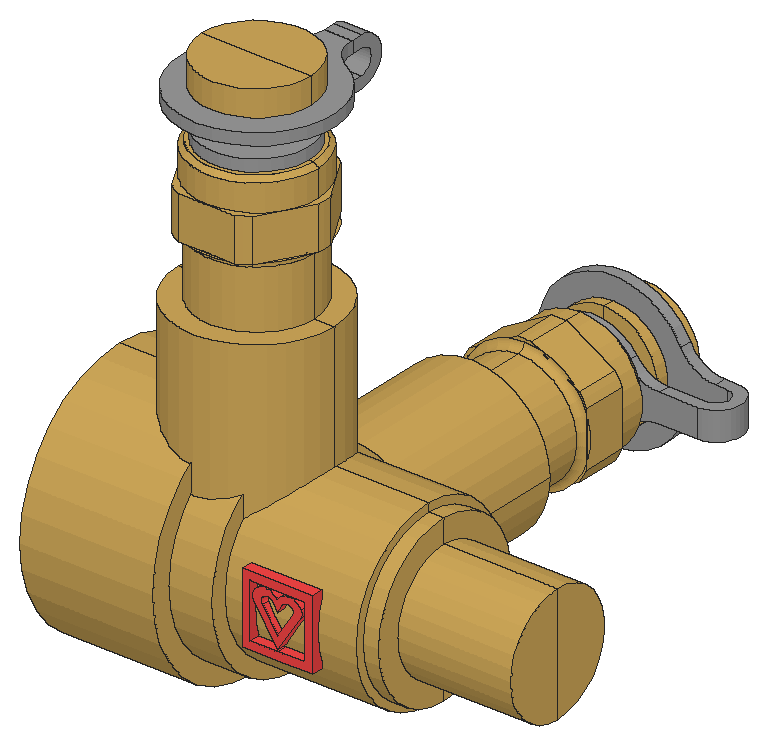
Revit family "Messblende 4000_LF_MF", category Rohrzubehör, Revit 2018
Family settings
  Bemaßung runder Anschluss = Durchmesser verwenden
  Teiletyp = Unterbricht
  OmniClass-Nummer = 23.65.55.14
  OmniClass-Titel = Valves for Liquid Services
  Arbeitsebenenbasiert = Nein
  Immer vertikal = Ja
  Beim Laden mit Abzugskörper schneiden = Nein
  Gemeinsam genutzt = Nein
Parameters (values of type "LF")
  kvs-Wert [instance] = if(and(LF, Nennweite = 15.00 mm), 0.55, if(and(MF, Nennweite = 15.00 mm), 1.1, 0))  # 0.55
  Verwendung = "HERZ-Messblenden werden in die Strangleitungen von Warmwasser- Zentralheizungsanlagen sowie Kühlanlagen eingebaut und ermöglichen den hydraulischen Abgleich der Strangleitungen untereinander.\r\nDer Einsatz der Messblenden ist im Vorlauf als auch im Rücklauf möglich.\r\nSie werden entweder eng gekoppelt an ein HERZ- Strangregulierventil installiert, um ein komplettes Set zu bilden oder in Verbindung mit einer HERZ Absperrarmatur eingesetzt.\r\nDie Einregulierung des Stranges wird durch Einstellen des Strangregulierventiles während der Druckverlustmessung an der Messblende vorgenommen."
  URL = "www.herz-armaturen.at"
  SCRNSEQ = "AWI;AWI_TYP=\"1001\";02"
  SCRNCODE = "02;01;02"  # constant formula
  S03 = 10.00 mm  # constant formula
  S02 [instance] = S01 - 10.00 mm  # 17.50 mm
  S01 [instance] = H01  # 27.50 mm
  R01 [instance] = 10.00 mm  # constant formula
  Nennweite [instance] = 15.00 mm  # constant formula
  Min. Betriebstemperatur = -20 °C  # constant formula
  Messventile = "Messing, CW602N"  # constant formula
  Medium = "Heizungswasserqualität nach ÖNORM H 5195 oder VDI-Richtline 2035.\r\nDie Verwendung von Ethylen- oder Propylenglykol in einem Mischungsverhältnis 25 - 50 Vol.-% ist zulässig."
  Max. Betriebstemperatur (bis DN32) = 130 °C  # constant formula
  Max. Betriebstemperatur (ab DN40) = 110 °C  # constant formula
  Max. Betriebsdruck = 2000000.0 Pa  # constant formula
  MF = no
  LO01 [instance] = 30.00 mm  # constant formula
  LF = yes
  L05 [instance] = 23.00 mm  # constant formula
  L04 [instance] = 16.50 mm  # constant formula
  L03 [instance] = 22.60 mm  # constant formula
  L02 [instance] = 17.00 mm  # constant formula
  L01 [instance] = 17.50 mm  # constant formula
  L00 [instance] = 56.00 mm  # constant formula
  IG [instance] = Nennweite / 2  # 7.50 mm
  Hersteller = "HERZ Armaturen Ges.m.b.H."  # constant formula
  H01 [instance] = 27.50 mm  # constant formula
  Gehäuse = "Messing, CC770S"  # constant formula
  GT1 [instance] = 14.50 mm  # constant formula
  GT [instance] = 13.00 mm  # constant formula
  D04 [instance] = D03 - 1.00 mm  # 10.50 mm
  D03 [instance] = 11.50 mm  # constant formula
  D02 [instance] = 13.50 mm  # constant formula
  D01 [instance] = 16.00 mm  # constant formula
  Bestellnummer [instance] = if(and(LF, Nennweite = 15.00 mm), 1400011, if(and(MF, Nennweite = 15.00 mm), 1400021, 0))  # 1400011
  Ausführung = "Die Messblende aus entzinkungsbeständigem Messing besitzt zwei Messventile. Gemäß EN 10226 hat der Eingang ein Innengewinde Rp und der Ausgang ein Außengewinde R."
  AG [instance] = Nennweite / 2  # 7.50 mm
Types (3, lengths in mm): name | kvs-Wert | MF | LF | Bestellnummer
  (no name) | 0.55 | no | yes | 1400011
  LF | 0.55 | no | yes | 1400011
  MF | 1.1 | yes | no | 1400021
Reference planes
  plane 1 "Mitte (Vorne/hinten)": y = 0
  plane 2: z = 0
  plane 3 "Mitte (Links/rechts)": x = 0
Forms (mm)
  Revolve 1, solid, material "Messing, weicher Gelbton, geschweißt", detail levels fine
    sketch origin (0, 0, 0) x (1, 0, 0) y (0, 0, 1)
      loop
        line (-4.5, 0) -> (38.5, 0) -> (38.5, 7.5) -> (24, 7.5) -> (24, 10.5) -> (22, 10.5) -> (22, 11.5) -> (5.1, 11.5) -> (5.1, 13.5) -> (-0.5, 13.5) -> (-0.5, 16) -> (-17.5, 16) -> (-17.5, 7.5) -> (-4.5, 7.5) -> (-4.5, 0)
      axis (-17.5, 0) -> (38.5, 0)
    angle from 0 to 360
  Revolve 2, solid, material "Messing, weicher Gelbton, geschweißt", detail levels fine
    sketch origin (0, 0, 0) x (1, 0, 0) y (0, 0, 1)
      loop
        line (-10, 7.5) -> (0, 7.5) -> (0, 27.5) -> (-10, 27.5) -> (-10, 7.5)
      axis (0, 27.5) -> (0, 7.5)
    angle from 0 to 360
  Revolve 3, solid, material "Messing, weicher Gelbton, geschweißt", detail levels fine
    sketch origin (0, 0, 0) x (1, 0, 0) y (0, 1, 0)
      loop
        line (5.5, 7.5) -> (15.5, 7.5) -> (15.5, 27.5) -> (5.5, 27.5) -> (5.5, 7.5)
      axis (5.5, 27.5) -> (5.5, 7.5)
    angle from 0 to 360
Lines and regions (mm)
  model lines, detail levels coarse+medium
    curve 1: line (-17.5, 0, 0) -> (0.5, 0, 0)
    curve 2: line (10.5, 0, -27.5) -> (10.5, 0, 27.5)
    curve 3: line (20.5, 0, 17.5) -> (20.5, 0, -17.5)
    curve 4: line (20.5, 0, 0) -> (38.5, 0, 0)
    curve 5: line (0.5, 0, 17.5) -> (0.5, 0, -17.5)
    curve 6: line (-17.5, 0, 0) -> (0.5, 0, 0)
    curve 7: line (10.5, 27.5, 0) -> (10.5, -27.5, 0)
    curve 8: line (0.5, 17.5, 0) -> (0.5, -17.5, 0)
    curve 9: line (20.5, 17.5, 0) -> (20.5, -17.5, 0)
    curve 10: line (20.5, 0, 0) -> (38.5, 0, 0)
Dimensions and locks
  "L00": Revolve 1 sketch curve to Revolve 1 sketch curve
  "GT": Revolve 1 sketch curve to Revolve 1 sketch curve
  "L01": plane 3 "Mitte (Links/rechts)" to Revolve 1 sketch curve
  "GT1": Revolve 1 sketch curve to Revolve 1 sketch curve
  "L02": Revolve 1 sketch curve to Revolve 1 sketch curve
  "L03": Revolve 1 sketch curve to Revolve 1 sketch curve
  "L04": Revolve 1 sketch curve to Revolve 1 sketch curve
  "AG": Revolve 1 sketch curve to plane 2
  "IG": Revolve 1 sketch curve to plane 2
  "D01": Revolve 1 sketch curve to plane 2
  "D02": Revolve 1 sketch curve to plane 2
  "D03": Revolve 1 sketch curve to plane 2
  "D04": Revolve 1 sketch curve to plane 2
  "D03": nested 1 to plane 1 "Mitte (Vorne/hinten)"
  "LO01": Revolve 1 to nested 1
  "IG": Revolve 2 sketch curve to plane 2
  "H01": Revolve 2 sketch curve to plane 2
  "R01": plane 3 "Mitte (Links/rechts)" to Revolve 2 sketch curve
  "H01": nested 2 to plane 2
  "IG": plane 1 "Mitte (Vorne/hinten)" to Revolve 3 sketch curve
  "H01": plane 1 "Mitte (Vorne/hinten)" to Revolve 3 sketch curve
  "R01": Revolve 3 sketch curve to Revolve 3 sketch curve
  "L05": Revolve 1 to Revolve 3 sketch curve  (x2)
  "H01": plane 1 "Mitte (Vorne/hinten)" to nested 3
  "L05": Revolve 1 to nested 3
  "L01": Revolve 1 to nested 2
  "S01": curve 2 to curve 4 to curve 2
  "L00": curve 1 to curve 4
  "S02": curve 3 to curve 4 to curve 3
  "S03": curve 2 to curve 3
  "S03": curve 2 to curve 5
  equal spacing: curve 4, curve 2, curve 1
  "S02": curve 5 to curve 1 to curve 5
  "L01": plane 3 "Mitte (Links/rechts)" to curve 1
  "L00": curve 6 to curve 10
  equal spacing: curve 6, curve 7, curve 10
  "S03": curve 8 to curve 7 to curve 9
  "S02": curve 9 to curve 10 to curve 9
  "S02": curve 8 to curve 6 to curve 8
  "S01": curve 7 to curve 10 to curve 7
  "L01": curve 6 to plane 3 "Mitte (Links/rechts)"
  aligned and locked: level to plane 2
Automatic sketch dimensions
  curve 4 to level = 0.00 mm
  curve 1 to level = 0.00 mm
  plane 1 "Mitte (Vorne/hinten)" to curve 10 = 0.00 mm
  plane 1 "Mitte (Vorne/hinten)" to curve 6 = 0.00 mm
  Revolve 1 sketch curve to level = 0.00 mm  (x2)
  Revolve 1 sketch curve to Revolve 1 sketch curve = 1489.03 mm
  Revolve 1 sketch curve to Revolve 1 sketch curve = 1800.648 mm
  Revolve 2 sketch curve to plane 3 "Mitte (Links/rechts)" = 0.00 mm  (x2)
  Revolve 2 sketch curve to level = 366.045 mm
  Revolve 2 sketch curve to Revolve 2 sketch curve = 2186.815 mm
  Revolve 3 sketch curve to Revolve 3 sketch curve = 0.00 mm  (x2)
Nested families
  nested 1: "Herz-Logo-vorne" at (12.5, -11.5, 0) x (0, 1, 0) z (0, 0, 1), type "Herz-Logo-vorne", detail levels fine
  nested 2: "Messstutzen_Band_Eintritt_senkrecht_(oben)" at (0, 0, 18.5), type "Messstutzen_Band_Eintritt_senkrecht_(oben)", detail levels fine
    with Schutzkappe yes, Nennweite 0.00 mm, Gewicht 0.00 kg, Bestellnummer 0
  nested 3: "Messstutzen_Band_Austritt_waagrecht" at (5.5, 18.5, 0) x (0, -1, 0) z (0, 0, 1), type "Messstutzen_Band_Austritt_waagrecht", detail levels fine
    with Schutzkappe yes, Nennweite 0.00 mm, Gewicht 0.00 kg, Bestellnummer 0
Connectors
  piping at (-4.5, 0, 0), diameter 15, driven by "Nennweite"
    settings: on Revolve 1, index 1, connector inside diameter 609.6 mm, connector length 0.00 mm, flow factor 0, pipe flow 0.0 L/s, pressure drop 0.0 Pa, fitting loss kfactor 0, connector angle 0.00°, fixture units 0, engagement length 0.00 mm, angle of deflection 0.00°, flow configuration 0, flow direction 1, fitting loss method 0, system type 29, joint type 0, gender type 0, connector reference index -1, connector utility 0, adjustable connector no, is connector primary yes, connector description ""
  piping at (38.5, 0, 0), diameter 15, driven by "Nennweite"
    settings: on Revolve 1, index 2, connector inside diameter 609.6 mm, connector length 0.00 mm, flow factor 0, pipe flow 0.0 L/s, pressure drop 0.0 Pa, fitting loss kfactor 0, connector angle 0.00°, fixture units 0, engagement length 0.00 mm, angle of deflection 0.00°, flow configuration 0, flow direction 2, fitting loss method 0, system type 29, joint type 0, gender type 0, connector reference index -1, connector utility 0, adjustable connector no, is connector primary no, connector description ""
Definition of nested family "Herz-Logo-vorne"
  Reference planes
    plane 1 "Mitte (Vorne/hinten)": y = 0
    plane 2: z = 0
    plane 3 "Mitte (Links/rechts)": x = 0
  Forms (mm)
    Extrusion 1, solid
      sketch origin (0.732, -0.018, 0.017) x (0, -1, 0) y (0, 0, 1)
        loop
          line (-0.018, -4.517) -> (4.482, -4.517) -> (4.482, 4.483) -> (-4.518, 4.483) -> (-4.518, -4.517) -> (-0.018, -4.517)
        loop
          line (-0.05, -3.48) -> (3.482, -3.48) -> (3.482, 3.483) -> (-3.518, 3.483) -> (-3.518, -3.48) -> (-0.05, -3.48)
        loop
          arc (-0.018, 2.383) -> (-1.543, 3.287) -> (-3.067, 2.383) r 1.738
          arc (-3.067, 2.383) -> (-3.191, 1.899) -> (-3.067, 1.415) r 1.009
          line (-3.067, 1.415) -> (-0.018, -3.281) -> (3.032, 1.415)
          arc (3.032, 1.415) -> (3.156, 1.899) -> (3.032, 2.383) r 1.009
          arc (3.032, 2.383) -> (1.507, 3.287) -> (-0.018, 2.383) r 1.738
        loop
          arc (1.885, 1.272) -> (2.005, 1.675) -> (1.885, 2.079) r 0.74
          arc (1.885, 2.079) -> (1.265, 2.416) -> (0.644, 2.079) r 0.74
          line (0.644, 2.079) -> (-0.018, 0.97) -> (-0.679, 2.079)
          arc (-0.679, 2.079) -> (-1.3, 2.416) -> (-1.921, 2.079) r 0.74
          arc (-1.921, 2.079) -> (-2.04, 1.675) -> (-1.921, 1.272) r 0.74
          line (-1.921, 1.272) -> (-0.018, -1.658) -> (1.885, 1.272)
      from 0 to 1.5
  Dimensions and locks
    aligned and locked: level to plane 2
Definition of nested family "Messstutzen_Band_Eintritt_senkrecht_(oben)"
  Parameters (values of type "Messstutzen_Band_Eintritt_senkrecht_(oben)")
    URL = "www.herz-armaturen.at"
    Schutzkappe [instance] = yes
    Nennweite [instance] = 0.00 mm
    Manufacturer = "Herz Armaturen GmbH"  # constant formula
    Gewicht [instance] = 0.00 kg
    Bestellnummer [instance] = 0
  Reference planes
    plane 1 "Mitte (Vorne/hinten)": y = 0
    plane 2: z = 0
    plane 3 "Mitte (Links/rechts)": x = 0
    plane 4 "Schlaufe 1": z = -27
    plane 5 "Schlaufe 2": z = -31.678
  Forms (mm)
    Revolve 1, solid, detail levels fine
      sketch origin (0, 0, 0) x (1, 0, 0) y (0, 0, 1)
        loop
          line (-7.4, 9) -> (-5.55, 9) -> (-5.55, 6)
          arc (-5.55, 6) -> (-5.626, 5.617) -> (-5.843, 5.293) r 1
          line (-5.843, 5.293) -> (-6.455, 4.681) -> (-6.455, 0.9) -> (-5.555, 0) -> (-2, 0) -> (-2, 17.5) -> (-8.4, 17.5)
          arc (-8.4, 17.5) -> (-7.693, 17.207) -> (-7.4, 16.5) r 1
          line (-7.4, 16.5) -> (-7.4, 9)
        loop
          line (-3.7, 27) -> (-7.3, 27) -> (-7.9, 26.4) -> (-7.9, 23) -> (-2, 23) -> (-2, 35.8) -> (-3.805, 35.8) -> (-4.415, 35.19) -> (-4.415, 30.863) -> (-3.7, 30.45) -> (-3.7, 27)
        axis (0, 0) -> (0, 35.8)
      angle from 0 to 360
    Extrusion 2, solid, detail levels fine
      sketch origin (0, 0, 17.5) x (0, 1, 0) y (-1, 0, 0)
        loop
          arc (-7.07, 5.156) -> (-7.578, 4.375) -> (-8, 3.544) r 8.75
          line (-8, 3.544) -> (-8, -3.544)
          arc (-8, -3.544) -> (-7.578, -4.375) -> (-7.07, -5.156) r 8.75
          line (-7.07, -5.156) -> (-0.93, -8.7)
          arc (-0.93, -8.7) -> (0, -8.75) -> (0.93, -8.7) r 8.75
          line (0.93, -8.7) -> (7.07, -5.156)
          arc (7.07, -5.156) -> (7.578, -4.375) -> (8, -3.544) r 8.75
          line (8, -3.544) -> (8, 3.544)
          arc (8, 3.544) -> (7.578, 4.375) -> (7.07, 5.156) r 8.75
          line (7.07, 5.156) -> (0.93, 8.7)
          arc (0.93, 8.7) -> (0, 8.75) -> (-0.93, 8.7) r 8.75
          line (-0.93, 8.7) -> (-7.07, 5.156)
      from 0 to 5.5
    Revolve 3, solid, visible <- "Schutzkappe", detail levels fine
      sketch origin (0, 0, 0) x (1, 0, 0) y (0, 0, 1)
        loop
          line (0, 35.878) -> (0, 36.678) -> (-7, 36.678) -> (-7, 33.378) -> (-6.1, 33.378) -> (-6.1, 31.678) -> (-6.9, 31.678) -> (-6.9, 30.178) -> (-4.415, 30.178) -> (-4.415, 35.268) -> (-3.805, 35.878) -> (0, 35.878)
        axis (0, 30.178) -> (0, 36.678)
      angle from 0 to 360
    Extrusion 4, solid, detail levels fine
      sketch origin (0, 0, 28.5) x (1, 0, 0) y (0, 1, 0)
        loop
          circle (0, 0) r 3.7
        loop
          arc (-3.906, 5.505) -> (0, -6.75) -> (3.906, 5.505) r 6.75
          arc (3.906, 5.505) -> (2.358, 7.288) -> (1.8, 9.582) r 5
          line (1.8, 9.582) -> (-1.8, 9.582)
          arc (-1.8, 9.582) -> (-2.358, 7.288) -> (-3.906, 5.505) r 5
      from 0 to -1.5
    Extrusion 5, solid, detail levels fine
      sketch origin (0, 0, 33.178) x (1, 0, 0) y (0, 1, 0)
        loop
          circle (0, 0) r 6.1
        loop
          arc (-4.495, 8.652) -> (0, -9.75) -> (4.495, 8.652) r 9.75
          arc (4.495, 8.652) -> (2.527, 10.493) -> (1.8, 13.089) r 5
          line (1.8, 13.089) -> (-1.8, 13.089)
          arc (-1.8, 13.089) -> (-2.527, 10.493) -> (-4.495, 8.652) r 5
      from 0 to -1.5
    Sweep 6, solid, detail levels fine
      path origin (0, 0, 0) x (0, 0, -1) y (0, -1, 0)
        loop
          line (-27.75, -9.582) -> (-27.75, -14.522)
          arc (-27.75, -14.522) -> (-30.089, -16.862) -> (-32.428, -14.522) r 2.339
          line (-32.428, -14.522) -> (-32.428, -13.089)
      profile origin (0, 12.052, 27.75) x (0, 0, 1) y (1, 0, 0)
        loop
          line (-0.75, -1.8) -> (0.75, -1.8) -> (0.75, 1.8) -> (-0.75, 1.8) -> (-0.75, -1.8)
  Dimensions and locks
    aligned and locked: level to plane 2
Definition of nested family "Messstutzen_Band_Austritt_waagrecht"
  Parameters (values of type "Messstutzen_Band_Austritt_waagrecht")
    URL = "www.herz-armaturen.at"
    Schutzkappe [instance] = yes
    Nennweite [instance] = 0.00 mm
    Manufacturer = "Herz Armaturen GmbH"  # constant formula
    Gewicht [instance] = 0.00 kg
    Bestellnummer [instance] = 0
  Reference planes
    plane 1 "Mitte (Vorne/hinten)": y = 0
    plane 2: z = 0
    plane 3 "Mitte (Links/rechts)": x = 0
  Forms (mm)
    Revolve 1, solid, detail levels fine
      sketch origin (0, 0, 0) x (0, 0, -1) y (1, 0, 0)
        loop
          line (-7.4, -9) -> (-7.4, -16.5)
          arc (-7.4, -16.5) -> (-7.693, -17.207) -> (-8.4, -17.5) r 1
          line (-8.4, -17.5) -> (-2, -17.5) -> (-2, 0) -> (-5.555, 0) -> (-6.455, -0.9) -> (-6.455, -4.681) -> (-5.843, -5.293)
          arc (-5.843, -5.293) -> (-5.626, -5.617) -> (-5.55, -6) r 1
          line (-5.55, -6) -> (-5.55, -9) -> (-7.4, -9)
        loop
          line (-3.7, -27) -> (-3.7, -30.45) -> (-4.415, -30.863) -> (-4.415, -35.19) -> (-3.805, -35.8) -> (-2, -35.8) -> (-2, -23) -> (-7.9, -23) -> (-7.9, -26.4) -> (-7.3, -27) -> (-3.7, -27)
        axis (0, 0) -> (0, -35.8)
      angle from 0 to 360
    Extrusion 2, solid, detail levels fine
      sketch origin (-17.5, 0, 0) x (0, 0, 1) y (0, 1, 0)
        loop
          line (5.156, -7.07) -> (8.7, -0.93)
          arc (8.7, -0.93) -> (8.75, 0) -> (8.7, 0.93) r 8.75
          line (8.7, 0.93) -> (5.156, 7.07)
          arc (5.156, 7.07) -> (4.375, 7.578) -> (3.544, 8) r 8.75
          line (3.544, 8) -> (-3.544, 8)
          arc (-3.544, 8) -> (-4.375, 7.578) -> (-5.156, 7.07) r 8.75
          line (-5.156, 7.07) -> (-8.7, 0.93)
          arc (-8.7, 0.93) -> (-8.75, 0) -> (-8.7, -0.93) r 8.75
          line (-8.7, -0.93) -> (-5.156, -7.07)
          arc (-5.156, -7.07) -> (-4.375, -7.578) -> (-3.544, -8) r 8.75
          line (-3.544, -8) -> (3.544, -8)
          arc (3.544, -8) -> (4.375, -7.578) -> (5.156, -7.07) r 8.75
      from 0 to 5.5
    Revolve 3, solid, visible <- "Schutzkappe", detail levels fine
      sketch origin (0, 0, 0) x (0, 0, -1) y (1, 0, 0)
        loop
          line (0, -35.878) -> (-3.805, -35.878) -> (-4.415, -35.268) -> (-4.415, -30.178) -> (-6.9, -30.178) -> (-6.9, -31.678) -> (-6.1, -31.678) -> (-6.1, -33.378) -> (-7, -33.378) -> (-7, -36.678) -> (0, -36.678) -> (0, -35.878)
        axis (0, -30.178) -> (0, -36.678)
      angle from 0 to 360
    Extrusion 4, solid, detail levels fine
      sketch origin (-27, 0, 0) x (0, 1, 0) y (0, 0, 1)
        loop
          circle (0, 0) r 3.7
        loop
          arc (5.505, 3.906) -> (-6.75, 0) -> (5.505, -3.906) r 6.75
          arc (5.505, -3.906) -> (7.288, -2.358) -> (9.582, -1.8) r 5
          line (9.582, -1.8) -> (9.582, 1.8)
          arc (9.582, 1.8) -> (7.288, 2.358) -> (5.505, 3.906) r 5
      from 0 to -1.5
    Extrusion 5, solid, detail levels fine
      sketch origin (-31.678, 0, 0) x (0, 1, 0) y (0, 0, 1)
        loop
          circle (0, 0) r 6.1
        loop
          arc (8.652, 4.495) -> (-9.75, 0) -> (8.652, -4.495) r 9.75
          arc (8.652, -4.495) -> (10.493, -2.527) -> (13.089, -1.8) r 5
          line (13.089, -1.8) -> (13.089, 1.8)
          arc (13.089, 1.8) -> (10.493, 2.527) -> (8.652, 4.495) r 5
      from 0 to -1.5
    Sweep 6, solid, detail levels fine
      path origin (0, 0, 0) x (0, -1, 0) y (1, 0, 0)
        loop
          line (-9.582, -27.75) -> (-14.522, -27.75)
          arc (-14.522, -27.75) -> (-16.862, -30.089) -> (-14.522, -32.428) r 2.339
          line (-14.522, -32.428) -> (-13.089, -32.428)
      profile origin (-27.75, 12.052, 0) x (-1, 0, 0) y (0, 0, 1)
        loop
          line (-0.75, 1.8) -> (-0.75, -1.8) -> (0.75, -1.8) -> (0.75, 1.8) -> (-0.75, 1.8)
  Cuts and joins
    joined: Extrusion 4, Extrusion 5, Sweep 6
  Dimensions and locks
    aligned and locked: level to plane 2
